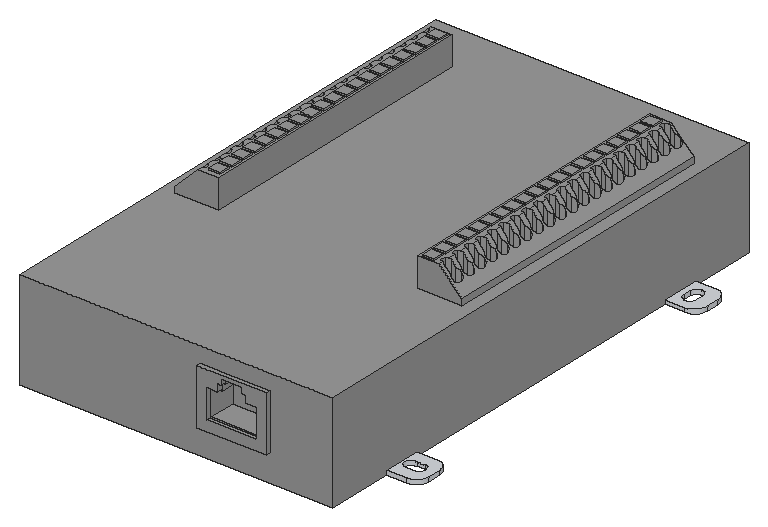
Revit family "IO Controler MS660414M", category Datengeräte, Revit 2023
Family settings
  Bemaßung runder Anschluss = Durchmesser verwenden
  Teiletyp = Normal
  OmniClass-Nummer = 23.85.50.17
  OmniClass-Titel = Communication and Data Processing Equipment
  Arbeitsebenenbasiert = Nein
  Immer vertikal = Ja
  Beim Laden mit Abzugskörper schneiden = Nein
  Beschriftungsausrichtung beibehalten = Nein
  Gemeinsam genutzt = Nein
  Raumberechnungspunkt = Nein
Parameters (values of type "I/O Controler MS660414M")
  Vorgabe-Ansicht = 0 mm
  Material 2 = Kunststoff
  Material = Metallverkleidung
  Interface 3 = "1x 24VDC Output"
  Hersteller = "MICROSENS"
  Beschreibung = "Smart I/O Controller Digital"
  Interface 4 = "1x 24VDC Input"
  Artikelnummer = "MS660414M"
  Interface 5 = "1x 10/100TX RJ-45 PoE+ PD"
  Interface 2 = "8x I/O Output"
  Interface 1 = "10x I/O Input"
Reference planes
  plane 1 "Mitte (Vorne/Hinten)": y = 0
  plane 2: z = 0
  plane 3 "Mitte (Links/Rechts)": x = 0
Forms (mm)
  Extrusion 1, solid, material "Kunststoff" <- "Material 2"
    sketch origin (3.16, 4.554, 0) x (1, 0, 0) y (0, 1, 0)
      loop
        line (-41.16, 58.646) -> (-41.16, -67.754) -> (34.875, -67.754) -> (34.875, 58.646) -> (-41.16, 58.646)
    from 0 to 23.973
  Extrusion 2, solid
    sketch origin (0, -0.01, 0) x (1, 0, 0) y (0, 1, 0)
      loop
        line (-38.035, 46.952) -> (-43.035, 46.952)
        arc (-43.035, 46.952) -> (-45.157, 46.073) -> (-46.035, 43.952) r 3
        line (-46.035, 43.952) -> (-46.035, 40.752)
        arc (-46.035, 40.752) -> (-45.157, 38.631) -> (-43.035, 37.752) r 3
        line (-43.035, 37.752) -> (-38.035, 37.752) -> (-38.035, 46.952)
      loop
        arc (-42.435, 43.952) -> (-44.035, 42.352) -> (-42.435, 40.752) r 1.6
        line (-42.435, 40.752) -> (-40.435, 40.752)
        arc (-40.435, 40.752) -> (-38.835, 42.352) -> (-40.435, 43.952) r 1.6
        line (-40.435, 43.952) -> (-42.435, 43.952)
    from 0 to 1
  Extrusion 3, solid
    sketch origin (0, -0.01, 0) x (-1, 0, 0) y (0, -1, 0)
      loop
        line (-38.035, -46.952) -> (-38.035, -37.752) -> (-43.035, -37.752)
        arc (-43.035, -37.752) -> (-45.157, -38.631) -> (-46.035, -40.752) r 3
        line (-46.035, -40.752) -> (-46.035, -43.952)
        arc (-46.035, -43.952) -> (-45.157, -46.073) -> (-43.035, -46.952) r 3
        line (-43.035, -46.952) -> (-38.035, -46.952)
      loop
        arc (-42.965, -43.363) -> (-41.365, -44.963) -> (-39.765, -43.363) r 1.6
        line (-39.765, -43.363) -> (-39.765, -41.363)
        arc (-39.765, -41.363) -> (-41.365, -39.763) -> (-42.965, -41.363) r 1.6
        line (-42.965, -41.363) -> (-42.965, -43.363)
    from 0 to 1
  Extrusion 4, solid
    sketch origin (0, 0.01, 0) x (-1, 0, 0) y (0, -1, 0)
      loop
        line (-38.035, 46.952) -> (-43.035, 46.952)
        arc (-43.035, 46.952) -> (-45.157, 46.073) -> (-46.035, 43.952) r 3
        line (-46.035, 43.952) -> (-46.035, 40.752)
        arc (-46.035, 40.752) -> (-45.157, 38.631) -> (-43.035, 37.752) r 3
        line (-43.035, 37.752) -> (-38.035, 37.752) -> (-38.035, 46.952)
      loop
        arc (-42.435, 43.952) -> (-44.035, 42.352) -> (-42.435, 40.752) r 1.6
        line (-42.435, 40.752) -> (-40.435, 40.752)
        arc (-40.435, 40.752) -> (-38.835, 42.352) -> (-40.435, 43.952) r 1.6
        line (-40.435, 43.952) -> (-42.435, 43.952)
    from 0 to 1
  Extrusion 5, solid, material "Metallverkleidung" <- "Material"
    sketch origin (0, 0.01, 0) x (1, 0, 0) y (0, 1, 0)
      loop
        line (-38, -46.952) -> (-38, -37.752) -> (-43.035, -37.752)
        arc (-43.035, -37.752) -> (-45.157, -38.631) -> (-46.035, -40.752) r 3
        line (-46.035, -40.752) -> (-46.035, -43.952)
        arc (-46.035, -43.952) -> (-45.157, -46.073) -> (-43.035, -46.952) r 3
        line (-43.035, -46.952) -> (-38, -46.952)
      loop
        arc (-39.835, -41.408) -> (-41.435, -39.808) -> (-43.035, -41.408) r 1.6
        line (-43.035, -41.408) -> (-43.035, -43.408)
        arc (-43.035, -43.408) -> (-41.435, -45.008) -> (-39.835, -43.408) r 1.6
        line (-39.835, -43.408) -> (-39.835, -41.408)
    from 0 to 1
  Extrusion 6, solid, material "Kunststoff" <- "Material 2"
    sketch origin (-1.331, 0, -2.5) x (1, 0, 0) y (0, 0, 1)
      loop
        line (36.207, 26.473) -> (36.207, 27.874) -> (30.627, 33.454) -> (25.541, 33.454) -> (25.541, 26.473) -> (36.207, 26.473)
    from -50.477 to 20.023
  Extrusion 7, solid, material "Kunststoff" <- "Material 2"
    sketch origin (0, 0, 0) x (1, 0, 0) y (0, 1, 0)
      loop
        line (24.915, -19.523) -> (27.715, -19.523) -> (27.715, -16.823) -> (24.915, -16.823) -> (24.915, -19.523)
    from 30.954 to 31.282
  Extrusion 8, solid, material "Kunststoff" <- "Material 2"
    sketch origin (0, 3.5, 0) x (1, 0, 0) y (0, 1, 0)
      loop
        line (24.915, -19.523) -> (27.715, -19.523) -> (27.715, -16.823) -> (24.915, -16.823) -> (24.915, -19.523)
    from 30.954 to 31.282
  Extrusion 9, solid, material "Kunststoff" <- "Material 2"
    sketch origin (0, 7, 0) x (1, 0, 0) y (0, 1, 0)
      loop
        line (24.915, -19.523) -> (27.715, -19.523) -> (27.715, -16.823) -> (24.915, -16.823) -> (24.915, -19.523)
    from 30.954 to 31.282
  Extrusion 10, solid, material "Kunststoff" <- "Material 2"
    sketch origin (0, 10.5, 0) x (1, 0, 0) y (0, 1, 0)
      loop
        line (24.915, -19.523) -> (27.715, -19.523) -> (27.715, -16.823) -> (24.915, -16.823) -> (24.915, -19.523)
    from 30.954 to 31.282
  Extrusion 11, solid, material "Kunststoff" <- "Material 2"
    sketch origin (0, 14, 0) x (1, 0, 0) y (0, 1, 0)
      loop
        line (24.915, -19.523) -> (27.715, -19.523) -> (27.715, -16.823) -> (24.915, -16.823) -> (24.915, -19.523)
    from 30.954 to 31.282
  Extrusion 12, solid, material "Kunststoff" <- "Material 2"
    sketch origin (0, 17.5, 0) x (1, 0, 0) y (0, 1, 0)
      loop
        line (24.915, -19.523) -> (27.715, -19.523) -> (27.715, -16.823) -> (24.915, -16.823) -> (24.915, -19.523)
    from 30.954 to 31.282
  Extrusion 13, solid, material "Kunststoff" <- "Material 2"
    sketch origin (0, 21, 0) x (1, 0, 0) y (0, 1, 0)
      loop
        line (24.915, -19.523) -> (27.715, -19.523) -> (27.715, -16.823) -> (24.915, -16.823) -> (24.915, -19.523)
    from 30.954 to 31.282
  Extrusion 14, solid, material "Kunststoff" <- "Material 2"
    sketch origin (0, 24.5, 0) x (1, 0, 0) y (0, 1, 0)
      loop
        line (24.915, -19.523) -> (27.715, -19.523) -> (27.715, -16.823) -> (24.915, -16.823) -> (24.915, -19.523)
    from 30.954 to 31.282
  Extrusion 15, solid, material "Kunststoff" <- "Material 2"
    sketch origin (0, 28, 0) x (1, 0, 0) y (0, 1, 0)
      loop
        line (24.915, -19.523) -> (27.715, -19.523) -> (27.715, -16.823) -> (24.915, -16.823) -> (24.915, -19.523)
    from 30.954 to 31.282
  Extrusion 16, solid, material "Kunststoff" <- "Material 2"
    sketch origin (0, 31.5, 0) x (1, 0, 0) y (0, 1, 0)
      loop
        line (24.915, -19.523) -> (27.715, -19.523) -> (27.715, -16.823) -> (24.915, -16.823) -> (24.915, -19.523)
    from 30.954 to 31.282
  Extrusion 17, solid, material "Kunststoff" <- "Material 2"
    sketch origin (0, 35, 0) x (1, 0, 0) y (0, 1, 0)
      loop
        line (24.915, -19.523) -> (27.715, -19.523) -> (27.715, -16.823) -> (24.915, -16.823) -> (24.915, -19.523)
    from 30.954 to 31.282
  Extrusion 18, solid, material "Kunststoff" <- "Material 2"
    sketch origin (0, 38.5, 0) x (1, 0, 0) y (0, 1, 0)
      loop
        line (24.915, -19.523) -> (27.715, -19.523) -> (27.715, -16.823) -> (24.915, -16.823) -> (24.915, -19.523)
    from 30.954 to 31.282
  Extrusion 19, solid, material "Kunststoff" <- "Material 2"
    sketch origin (0, 42, 0) x (1, 0, 0) y (0, 1, 0)
      loop
        line (24.915, -19.523) -> (27.715, -19.523) -> (27.715, -16.823) -> (24.915, -16.823) -> (24.915, -19.523)
    from 30.954 to 31.282
  Extrusion 20, solid, material "Kunststoff" <- "Material 2"
    sketch origin (0, 45.5, 0) x (1, 0, 0) y (0, 1, 0)
      loop
        line (24.915, -19.523) -> (27.715, -19.523) -> (27.715, -16.823) -> (24.915, -16.823) -> (24.915, -19.523)
    from 30.954 to 31.282
  Extrusion 21, solid, material "Kunststoff" <- "Material 2"
    sketch origin (0, 49, 0) x (1, 0, 0) y (0, 1, 0)
      loop
        line (24.915, -19.523) -> (27.715, -19.523) -> (27.715, -16.823) -> (24.915, -16.823) -> (24.915, -19.523)
    from 30.954 to 31.282
  Extrusion 22, solid, material "Kunststoff" <- "Material 2"
    sketch origin (0, 52.5, 0) x (1, 0, 0) y (0, 1, 0)
      loop
        line (24.915, -19.523) -> (27.715, -19.523) -> (27.715, -16.823) -> (24.915, -16.823) -> (24.915, -19.523)
    from 30.954 to 31.282
  Extrusion 23, solid, material "Kunststoff" <- "Material 2"
    sketch origin (0, 56, 0) x (1, 0, 0) y (0, 1, 0)
      loop
        line (24.915, -19.523) -> (27.715, -19.523) -> (27.715, -16.823) -> (24.915, -16.823) -> (24.915, -19.523)
    from 30.954 to 31.282
  Extrusion 24, solid, material "Kunststoff" <- "Material 2"
    sketch origin (0, 59.5, 0) x (1, 0, 0) y (0, 1, 0)
      loop
        line (24.915, -19.523) -> (27.715, -19.523) -> (27.715, -16.823) -> (24.915, -16.823) -> (24.915, -19.523)
    from 30.954 to 31.282
  Extrusion 25, solid, material "Kunststoff" <- "Material 2"
    sketch origin (0, 63, 0) x (1, 0, 0) y (0, 1, 0)
      loop
        line (24.915, -19.523) -> (27.715, -19.523) -> (27.715, -16.823) -> (24.915, -16.823) -> (24.915, -19.523)
    from 30.954 to 31.282
  Extrusion 26, solid, material "Kunststoff" <- "Material 2"
    sketch origin (0, 66.5, 0) x (1, 0, 0) y (0, 1, 0)
      loop
        line (24.915, -19.523) -> (27.715, -19.523) -> (27.715, -16.823) -> (24.915, -16.823) -> (24.915, -19.523)
    from 30.954 to 31.282
  Extrusion 27, void
    sketch origin (8.123, 3.438, 0) x (1, 0, 0) y (0, 1, 0)
      loop
        arc (20.475, -17.212) -> (20.392, -17.759) -> (20.463, -18.308) r 1.991
        line (20.463, -18.308) -> (21.388, -18.842) -> (22.682, -18.842) -> (23.589, -19.366) -> (24.372, -19.001) -> (24.787, -18.121)
        arc (24.787, -18.121) -> (24.798, -17.59) -> (24.714, -17.066) r 3
        line (24.714, -17.066) -> (24.308, -16.315) -> (23.48, -16.014) -> (22.7, -16.561) -> (21.406, -16.561) -> (20.475, -17.212)
    from 23.973 to 33.421
  Extrusion 28, void
    sketch origin (8.123, 6.938, 0) x (1, 0, 0) y (0, 1, 0)
      loop
        arc (20.475, -17.212) -> (20.392, -17.759) -> (20.463, -18.308) r 1.991
        line (20.463, -18.308) -> (21.388, -18.842) -> (22.682, -18.842) -> (23.589, -19.366) -> (24.372, -19.001) -> (24.787, -18.121)
        arc (24.787, -18.121) -> (24.798, -17.59) -> (24.714, -17.066) r 3
        line (24.714, -17.066) -> (24.308, -16.315) -> (23.48, -16.014) -> (22.7, -16.561) -> (21.406, -16.561) -> (20.475, -17.212)
    from 23.973 to 33.421
  Extrusion 29, void
    sketch origin (8.123, 10.438, 0) x (1, 0, 0) y (0, 1, 0)
      loop
        arc (20.475, -17.212) -> (20.392, -17.759) -> (20.463, -18.308) r 1.991
        line (20.463, -18.308) -> (21.388, -18.842) -> (22.682, -18.842) -> (23.589, -19.366) -> (24.372, -19.001) -> (24.787, -18.121)
        arc (24.787, -18.121) -> (24.798, -17.59) -> (24.714, -17.066) r 3
        line (24.714, -17.066) -> (24.308, -16.315) -> (23.48, -16.014) -> (22.7, -16.561) -> (21.406, -16.561) -> (20.475, -17.212)
    from 23.973 to 33.421
  Extrusion 30, void
    sketch origin (8.123, 13.938, 0) x (1, 0, 0) y (0, 1, 0)
      loop
        arc (20.475, -17.212) -> (20.392, -17.759) -> (20.463, -18.308) r 1.991
        line (20.463, -18.308) -> (21.388, -18.842) -> (22.682, -18.842) -> (23.589, -19.366) -> (24.372, -19.001) -> (24.787, -18.121)
        arc (24.787, -18.121) -> (24.798, -17.59) -> (24.714, -17.066) r 3
        line (24.714, -17.066) -> (24.308, -16.315) -> (23.48, -16.014) -> (22.7, -16.561) -> (21.406, -16.561) -> (20.475, -17.212)
    from 23.973 to 33.421
  Extrusion 31, void
    sketch origin (8.123, 17.438, 0) x (1, 0, 0) y (0, 1, 0)
      loop
        arc (20.475, -17.212) -> (20.392, -17.759) -> (20.463, -18.308) r 1.991
        line (20.463, -18.308) -> (21.388, -18.842) -> (22.682, -18.842) -> (23.589, -19.366) -> (24.372, -19.001) -> (24.787, -18.121)
        arc (24.787, -18.121) -> (24.798, -17.59) -> (24.714, -17.066) r 3
        line (24.714, -17.066) -> (24.308, -16.315) -> (23.48, -16.014) -> (22.7, -16.561) -> (21.406, -16.561) -> (20.475, -17.212)
    from 23.973 to 33.421
  Extrusion 32, void
    sketch origin (8.123, 20.938, 0) x (1, 0, 0) y (0, 1, 0)
      loop
        arc (20.475, -17.212) -> (20.392, -17.759) -> (20.463, -18.308) r 1.991
        line (20.463, -18.308) -> (21.388, -18.842) -> (22.682, -18.842) -> (23.589, -19.366) -> (24.372, -19.001) -> (24.787, -18.121)
        arc (24.787, -18.121) -> (24.798, -17.59) -> (24.714, -17.066) r 3
        line (24.714, -17.066) -> (24.308, -16.315) -> (23.48, -16.014) -> (22.7, -16.561) -> (21.406, -16.561) -> (20.475, -17.212)
    from 23.973 to 33.421
  Extrusion 33, void
    sketch origin (8.123, 24.438, 0) x (1, 0, 0) y (0, 1, 0)
      loop
        arc (20.475, -17.212) -> (20.392, -17.759) -> (20.463, -18.308) r 1.991
        line (20.463, -18.308) -> (21.388, -18.842) -> (22.682, -18.842) -> (23.589, -19.366) -> (24.372, -19.001) -> (24.787, -18.121)
        arc (24.787, -18.121) -> (24.798, -17.59) -> (24.714, -17.066) r 3
        line (24.714, -17.066) -> (24.308, -16.315) -> (23.48, -16.014) -> (22.7, -16.561) -> (21.406, -16.561) -> (20.475, -17.212)
    from 23.973 to 33.421
  Extrusion 34, void
    sketch origin (8.123, 27.938, 0) x (1, 0, 0) y (0, 1, 0)
      loop
        arc (20.475, -17.212) -> (20.392, -17.759) -> (20.463, -18.308) r 1.991
        line (20.463, -18.308) -> (21.388, -18.842) -> (22.682, -18.842) -> (23.589, -19.366) -> (24.372, -19.001) -> (24.787, -18.121)
        arc (24.787, -18.121) -> (24.798, -17.59) -> (24.714, -17.066) r 3
        line (24.714, -17.066) -> (24.308, -16.315) -> (23.48, -16.014) -> (22.7, -16.561) -> (21.406, -16.561) -> (20.475, -17.212)
    from 23.973 to 33.421
  Extrusion 35, void
    sketch origin (8.123, 31.438, 0) x (1, 0, 0) y (0, 1, 0)
      loop
        arc (20.475, -17.212) -> (20.392, -17.759) -> (20.463, -18.308) r 1.991
        line (20.463, -18.308) -> (21.388, -18.842) -> (22.682, -18.842) -> (23.589, -19.366) -> (24.372, -19.001) -> (24.787, -18.121)
        arc (24.787, -18.121) -> (24.798, -17.59) -> (24.714, -17.066) r 3
        line (24.714, -17.066) -> (24.308, -16.315) -> (23.48, -16.014) -> (22.7, -16.561) -> (21.406, -16.561) -> (20.475, -17.212)
    from 23.973 to 33.421
  Extrusion 36, void
    sketch origin (8.123, 34.938, 0) x (1, 0, 0) y (0, 1, 0)
      loop
        arc (20.475, -17.212) -> (20.392, -17.759) -> (20.463, -18.308) r 1.991
        line (20.463, -18.308) -> (21.388, -18.842) -> (22.682, -18.842) -> (23.589, -19.366) -> (24.372, -19.001) -> (24.787, -18.121)
        arc (24.787, -18.121) -> (24.798, -17.59) -> (24.714, -17.066) r 3
        line (24.714, -17.066) -> (24.308, -16.315) -> (23.48, -16.014) -> (22.7, -16.561) -> (21.406, -16.561) -> (20.475, -17.212)
    from 23.973 to 33.421
  Extrusion 37, void
    sketch origin (8.123, 38.438, 0) x (1, 0, 0) y (0, 1, 0)
      loop
        arc (20.475, -17.212) -> (20.392, -17.759) -> (20.463, -18.308) r 1.991
        line (20.463, -18.308) -> (21.388, -18.842) -> (22.682, -18.842) -> (23.589, -19.366) -> (24.372, -19.001) -> (24.787, -18.121)
        arc (24.787, -18.121) -> (24.798, -17.59) -> (24.714, -17.066) r 3
        line (24.714, -17.066) -> (24.308, -16.315) -> (23.48, -16.014) -> (22.7, -16.561) -> (21.406, -16.561) -> (20.475, -17.212)
    from 23.973 to 33.421
  Extrusion 38, void
    sketch origin (8.123, 41.938, 0) x (1, 0, 0) y (0, 1, 0)
      loop
        arc (20.475, -17.212) -> (20.392, -17.759) -> (20.463, -18.308) r 1.991
        line (20.463, -18.308) -> (21.388, -18.842) -> (22.682, -18.842) -> (23.589, -19.366) -> (24.372, -19.001) -> (24.787, -18.121)
        arc (24.787, -18.121) -> (24.798, -17.59) -> (24.714, -17.066) r 3
        line (24.714, -17.066) -> (24.308, -16.315) -> (23.48, -16.014) -> (22.7, -16.561) -> (21.406, -16.561) -> (20.475, -17.212)
    from 23.973 to 33.421
  Extrusion 39, void
    sketch origin (8.123, 45.438, 0) x (1, 0, 0) y (0, 1, 0)
      loop
        arc (20.475, -17.212) -> (20.392, -17.759) -> (20.463, -18.308) r 1.991
        line (20.463, -18.308) -> (21.388, -18.842) -> (22.682, -18.842) -> (23.589, -19.366) -> (24.372, -19.001) -> (24.787, -18.121)
        arc (24.787, -18.121) -> (24.798, -17.59) -> (24.714, -17.066) r 3
        line (24.714, -17.066) -> (24.308, -16.315) -> (23.48, -16.014) -> (22.7, -16.561) -> (21.406, -16.561) -> (20.475, -17.212)
    from 23.973 to 33.421
  Extrusion 40, void
    sketch origin (8.123, 48.938, 0) x (1, 0, 0) y (0, 1, 0)
      loop
        arc (20.475, -17.212) -> (20.392, -17.759) -> (20.463, -18.308) r 1.991
        line (20.463, -18.308) -> (21.388, -18.842) -> (22.682, -18.842) -> (23.589, -19.366) -> (24.372, -19.001) -> (24.787, -18.121)
        arc (24.787, -18.121) -> (24.798, -17.59) -> (24.714, -17.066) r 3
        line (24.714, -17.066) -> (24.308, -16.315) -> (23.48, -16.014) -> (22.7, -16.561) -> (21.406, -16.561) -> (20.475, -17.212)
    from 23.973 to 33.421
  Extrusion 41, void
    sketch origin (8.123, 52.438, 0) x (1, 0, 0) y (0, 1, 0)
      loop
        arc (20.475, -17.212) -> (20.392, -17.759) -> (20.463, -18.308) r 1.991
        line (20.463, -18.308) -> (21.388, -18.842) -> (22.682, -18.842) -> (23.589, -19.366) -> (24.372, -19.001) -> (24.787, -18.121)
        arc (24.787, -18.121) -> (24.798, -17.59) -> (24.714, -17.066) r 3
        line (24.714, -17.066) -> (24.308, -16.315) -> (23.48, -16.014) -> (22.7, -16.561) -> (21.406, -16.561) -> (20.475, -17.212)
    from 23.973 to 33.421
  Extrusion 42, void
    sketch origin (8.123, 55.938, 0) x (1, 0, 0) y (0, 1, 0)
      loop
        arc (20.475, -17.212) -> (20.392, -17.759) -> (20.463, -18.308) r 1.991
        line (20.463, -18.308) -> (21.388, -18.842) -> (22.682, -18.842) -> (23.589, -19.366) -> (24.372, -19.001) -> (24.787, -18.121)
        arc (24.787, -18.121) -> (24.798, -17.59) -> (24.714, -17.066) r 3
        line (24.714, -17.066) -> (24.308, -16.315) -> (23.48, -16.014) -> (22.7, -16.561) -> (21.406, -16.561) -> (20.475, -17.212)
    from 23.973 to 33.421
  Extrusion 43, void
    sketch origin (8.123, 59.438, 0) x (1, 0, 0) y (0, 1, 0)
      loop
        arc (20.475, -17.212) -> (20.392, -17.759) -> (20.463, -18.308) r 1.991
        line (20.463, -18.308) -> (21.388, -18.842) -> (22.682, -18.842) -> (23.589, -19.366) -> (24.372, -19.001) -> (24.787, -18.121)
        arc (24.787, -18.121) -> (24.798, -17.59) -> (24.714, -17.066) r 3
        line (24.714, -17.066) -> (24.308, -16.315) -> (23.48, -16.014) -> (22.7, -16.561) -> (21.406, -16.561) -> (20.475, -17.212)
    from 23.973 to 33.421
  Extrusion 44, void
    sketch origin (8.123, 62.938, 0) x (1, 0, 0) y (0, 1, 0)
      loop
        arc (20.475, -17.212) -> (20.392, -17.759) -> (20.463, -18.308) r 1.991
        line (20.463, -18.308) -> (21.388, -18.842) -> (22.682, -18.842) -> (23.589, -19.366) -> (24.372, -19.001) -> (24.787, -18.121)
        arc (24.787, -18.121) -> (24.798, -17.59) -> (24.714, -17.066) r 3
        line (24.714, -17.066) -> (24.308, -16.315) -> (23.48, -16.014) -> (22.7, -16.561) -> (21.406, -16.561) -> (20.475, -17.212)
    from 23.973 to 33.421
  Extrusion 45, void
    sketch origin (8.12, 66.501, 0) x (1, 0, 0) y (0, 1, 0)
      loop
        arc (20.475, -17.212) -> (20.392, -17.759) -> (20.463, -18.308) r 1.991
        line (20.463, -18.308) -> (21.388, -18.842) -> (22.682, -18.842) -> (23.589, -19.366) -> (24.372, -19.001) -> (24.787, -18.121)
        arc (24.787, -18.121) -> (24.798, -17.59) -> (24.714, -17.066) r 3
        line (24.714, -17.066) -> (24.308, -16.315) -> (23.48, -16.014) -> (22.7, -16.561) -> (21.406, -16.561) -> (20.475, -17.212)
    from 23.973 to 33.421
  Extrusion 46, void
    sketch origin (8.125, -0.119, 0) x (1, 0, 0) y (0, 1, 0)
      loop
        arc (20.475, -17.212) -> (20.392, -17.759) -> (20.463, -18.308) r 1.991
        line (20.463, -18.308) -> (21.388, -18.842) -> (22.682, -18.842) -> (23.589, -19.366) -> (24.372, -19.001) -> (24.787, -18.121)
        arc (24.787, -18.121) -> (24.798, -17.59) -> (24.714, -17.066) r 3
        line (24.714, -17.066) -> (24.308, -16.315) -> (23.48, -16.014) -> (22.7, -16.561) -> (21.406, -16.561) -> (20.475, -17.212)
    from 23.973 to 33.421
  Extrusion 47, solid, material "Kunststoff" <- "Material 2"
    sketch origin (1.26, 30.954, -2.5) x (-1, 0, 0) y (0, 0, 1)
      loop
        line (36.207, 26.473) -> (36.207, 27.874) -> (30.627, 33.454) -> (25.541, 33.454) -> (25.541, 26.473) -> (36.207, 26.473)
    from -50.977 to 20.023
  Extrusion 48, solid, material "Kunststoff" <- "Material 2"
    sketch origin (-0.071, 30.954, 0) x (-1, 0, 0) y (0, -1, 0)
      loop
        line (24.915, -19.523) -> (27.715, -19.523) -> (27.715, -16.823) -> (24.915, -16.823) -> (24.915, -19.523)
    from 30.954 to 31.282
  Extrusion 49, solid, material "Kunststoff" <- "Material 2"
    sketch origin (-0.071, 27.454, 0) x (-1, 0, 0) y (0, -1, 0)
      loop
        line (24.915, -19.523) -> (27.715, -19.523) -> (27.715, -16.823) -> (24.915, -16.823) -> (24.915, -19.523)
    from 30.954 to 31.282
  Extrusion 50, solid, material "Kunststoff" <- "Material 2"
    sketch origin (-0.071, 23.954, 0) x (-1, 0, 0) y (0, -1, 0)
      loop
        line (24.915, -19.523) -> (27.715, -19.523) -> (27.715, -16.823) -> (24.915, -16.823) -> (24.915, -19.523)
    from 30.954 to 31.282
  Extrusion 51, solid, material "Kunststoff" <- "Material 2"
    sketch origin (-0.071, 20.454, 0) x (-1, 0, 0) y (0, -1, 0)
      loop
        line (24.915, -19.523) -> (27.715, -19.523) -> (27.715, -16.823) -> (24.915, -16.823) -> (24.915, -19.523)
    from 30.954 to 31.282
  Extrusion 52, solid, material "Kunststoff" <- "Material 2"
    sketch origin (-0.071, 16.954, 0) x (-1, 0, 0) y (0, -1, 0)
      loop
        line (24.915, -19.523) -> (27.715, -19.523) -> (27.715, -16.823) -> (24.915, -16.823) -> (24.915, -19.523)
    from 30.954 to 31.282
  Extrusion 53, solid, material "Kunststoff" <- "Material 2"
    sketch origin (-0.071, 13.454, 0) x (-1, 0, 0) y (0, -1, 0)
      loop
        line (24.915, -19.523) -> (27.715, -19.523) -> (27.715, -16.823) -> (24.915, -16.823) -> (24.915, -19.523)
    from 30.954 to 31.282
  Extrusion 54, solid, material "Kunststoff" <- "Material 2"
    sketch origin (-0.071, 9.954, 0) x (-1, 0, 0) y (0, -1, 0)
      loop
        line (24.915, -19.523) -> (27.715, -19.523) -> (27.715, -16.823) -> (24.915, -16.823) -> (24.915, -19.523)
    from 30.954 to 31.282
  Extrusion 55, solid, material "Kunststoff" <- "Material 2"
    sketch origin (-0.071, 6.454, 0) x (-1, 0, 0) y (0, -1, 0)
      loop
        line (24.915, -19.523) -> (27.715, -19.523) -> (27.715, -16.823) -> (24.915, -16.823) -> (24.915, -19.523)
    from 30.954 to 31.282
  Extrusion 56, solid, material "Kunststoff" <- "Material 2"
    sketch origin (-0.071, 2.954, 0) x (-1, 0, 0) y (0, -1, 0)
      loop
        line (24.915, -19.523) -> (27.715, -19.523) -> (27.715, -16.823) -> (24.915, -16.823) -> (24.915, -19.523)
    from 30.954 to 31.282
  Extrusion 57, solid, material "Kunststoff" <- "Material 2"
    sketch origin (-0.071, -0.546, 0) x (-1, 0, 0) y (0, -1, 0)
      loop
        line (24.915, -19.523) -> (27.715, -19.523) -> (27.715, -16.823) -> (24.915, -16.823) -> (24.915, -19.523)
    from 30.954 to 31.282
  Extrusion 58, solid, material "Kunststoff" <- "Material 2"
    sketch origin (-0.071, -4.046, 0) x (-1, 0, 0) y (0, -1, 0)
      loop
        line (24.915, -19.523) -> (27.715, -19.523) -> (27.715, -16.823) -> (24.915, -16.823) -> (24.915, -19.523)
    from 30.954 to 31.282
  Extrusion 59, solid, material "Kunststoff" <- "Material 2"
    sketch origin (-0.071, -7.546, 0) x (-1, 0, 0) y (0, -1, 0)
      loop
        line (24.915, -19.523) -> (27.715, -19.523) -> (27.715, -16.823) -> (24.915, -16.823) -> (24.915, -19.523)
    from 30.954 to 31.282
  Extrusion 60, solid, material "Kunststoff" <- "Material 2"
    sketch origin (-0.071, -11.046, 0) x (-1, 0, 0) y (0, -1, 0)
      loop
        line (24.915, -19.523) -> (27.715, -19.523) -> (27.715, -16.823) -> (24.915, -16.823) -> (24.915, -19.523)
    from 30.954 to 31.282
  Extrusion 61, solid, material "Kunststoff" <- "Material 2"
    sketch origin (-0.071, -14.546, 0) x (-1, 0, 0) y (0, -1, 0)
      loop
        line (24.915, -19.523) -> (27.715, -19.523) -> (27.715, -16.823) -> (24.915, -16.823) -> (24.915, -19.523)
    from 30.954 to 31.282
  Extrusion 62, solid, material "Kunststoff" <- "Material 2"
    sketch origin (-0.071, -18.046, 0) x (-1, 0, 0) y (0, -1, 0)
      loop
        line (24.915, -19.523) -> (27.715, -19.523) -> (27.715, -16.823) -> (24.915, -16.823) -> (24.915, -19.523)
    from 30.954 to 31.282
  Extrusion 63, solid, material "Kunststoff" <- "Material 2"
    sketch origin (-0.071, -21.546, 0) x (-1, 0, 0) y (0, -1, 0)
      loop
        line (24.915, -19.523) -> (27.715, -19.523) -> (27.715, -16.823) -> (24.915, -16.823) -> (24.915, -19.523)
    from 30.954 to 31.282
  Extrusion 64, solid, material "Kunststoff" <- "Material 2"
    sketch origin (-0.071, -25.046, 0) x (-1, 0, 0) y (0, -1, 0)
      loop
        line (24.915, -19.523) -> (27.715, -19.523) -> (27.715, -16.823) -> (24.915, -16.823) -> (24.915, -19.523)
    from 30.954 to 31.282
  Extrusion 65, solid, material "Kunststoff" <- "Material 2"
    sketch origin (-0.071, -28.546, 0) x (-1, 0, 0) y (0, -1, 0)
      loop
        line (24.915, -19.523) -> (27.715, -19.523) -> (27.715, -16.823) -> (24.915, -16.823) -> (24.915, -19.523)
    from 30.954 to 31.282
  Extrusion 66, solid, material "Kunststoff" <- "Material 2"
    sketch origin (-0.071, -32.046, 0) x (-1, 0, 0) y (0, -1, 0)
      loop
        line (24.915, -19.523) -> (27.715, -19.523) -> (27.715, -16.823) -> (24.915, -16.823) -> (24.915, -19.523)
    from 30.954 to 31.282
  Extrusion 67, solid, material "Kunststoff" <- "Material 2"
    sketch origin (-0.071, -35.546, 0) x (-1, 0, 0) y (0, -1, 0)
      loop
        line (24.915, -19.523) -> (27.715, -19.523) -> (27.715, -16.823) -> (24.915, -16.823) -> (24.915, -19.523)
    from 30.954 to 31.282
  Extrusion 68, void
    sketch origin (-8.194, 27.868, 0) x (-1, 0, 0) y (0, -1, 0)
      loop
        arc (20.475, -17.212) -> (20.392, -17.759) -> (20.463, -18.308) r 1.991
        line (20.463, -18.308) -> (21.388, -18.842) -> (22.682, -18.842) -> (23.589, -19.366) -> (24.372, -19.001) -> (24.787, -18.121)
        arc (24.787, -18.121) -> (24.798, -17.59) -> (24.714, -17.066) r 3
        line (24.714, -17.066) -> (24.308, -16.315) -> (23.48, -16.014) -> (22.7, -16.561) -> (21.406, -16.561) -> (20.475, -17.212)
    from 23.973 to 33.421
  Extrusion 69, void
    sketch origin (-8.194, 31.399, 0) x (-1, 0, 0) y (0, -1, 0)
      loop
        arc (20.475, -17.212) -> (20.392, -17.759) -> (20.463, -18.308) r 1.991
        line (20.463, -18.308) -> (21.388, -18.842) -> (22.682, -18.842) -> (23.589, -19.366) -> (24.372, -19.001) -> (24.787, -18.121)
        arc (24.787, -18.121) -> (24.798, -17.59) -> (24.714, -17.066) r 3
        line (24.714, -17.066) -> (24.308, -16.315) -> (23.48, -16.014) -> (22.7, -16.561) -> (21.406, -16.561) -> (20.475, -17.212)
    from 23.973 to 33.421
  Extrusion 70, void
    sketch origin (-8.194, 24.354, 0) x (-1, 0, 0) y (0, -1, 0)
      loop
        arc (20.475, -17.212) -> (20.392, -17.759) -> (20.463, -18.308) r 1.991
        line (20.463, -18.308) -> (21.388, -18.842) -> (22.682, -18.842) -> (23.589, -19.366) -> (24.372, -19.001) -> (24.787, -18.121)
        arc (24.787, -18.121) -> (24.798, -17.59) -> (24.714, -17.066) r 3
        line (24.714, -17.066) -> (24.308, -16.315) -> (23.48, -16.014) -> (22.7, -16.561) -> (21.406, -16.561) -> (20.475, -17.212)
    from 23.973 to 33.421
  Extrusion 71, void
    sketch origin (-8.198, 20.804, 0) x (-1, 0, 0) y (0, -1, 0)
      loop
        arc (20.475, -17.212) -> (20.392, -17.759) -> (20.463, -18.308) r 1.991
        line (20.463, -18.308) -> (21.388, -18.842) -> (22.682, -18.842) -> (23.589, -19.366) -> (24.372, -19.001) -> (24.787, -18.121)
        arc (24.787, -18.121) -> (24.798, -17.59) -> (24.714, -17.066) r 3
        line (24.714, -17.066) -> (24.308, -16.315) -> (23.48, -16.014) -> (22.7, -16.561) -> (21.406, -16.561) -> (20.475, -17.212)
    from 23.973 to 33.421
  Extrusion 72, void
    sketch origin (-8.198, 17.21, 0) x (-1, 0, 0) y (0, -1, 0)
      loop
        arc (20.475, -17.212) -> (20.392, -17.759) -> (20.463, -18.308) r 1.991
        line (20.463, -18.308) -> (21.388, -18.842) -> (22.682, -18.842) -> (23.589, -19.366) -> (24.372, -19.001) -> (24.787, -18.121)
        arc (24.787, -18.121) -> (24.798, -17.59) -> (24.714, -17.066) r 3
        line (24.714, -17.066) -> (24.308, -16.315) -> (23.48, -16.014) -> (22.7, -16.561) -> (21.406, -16.561) -> (20.475, -17.212)
    from 23.973 to 33.421
  Extrusion 73, void
    sketch origin (-8.198, 13.694, 0) x (-1, 0, 0) y (0, -1, 0)
      loop
        arc (20.475, -17.212) -> (20.392, -17.759) -> (20.463, -18.308) r 1.991
        line (20.463, -18.308) -> (21.388, -18.842) -> (22.682, -18.842) -> (23.589, -19.366) -> (24.372, -19.001) -> (24.787, -18.121)
        arc (24.787, -18.121) -> (24.798, -17.59) -> (24.714, -17.066) r 3
        line (24.714, -17.066) -> (24.308, -16.315) -> (23.48, -16.014) -> (22.7, -16.561) -> (21.406, -16.561) -> (20.475, -17.212)
    from 23.973 to 33.421
  Extrusion 74, void
    sketch origin (-8.198, 10.087, 0) x (-1, 0, 0) y (0, -1, 0)
      loop
        arc (20.475, -17.212) -> (20.392, -17.759) -> (20.463, -18.308) r 1.991
        line (20.463, -18.308) -> (21.388, -18.842) -> (22.682, -18.842) -> (23.589, -19.366) -> (24.372, -19.001) -> (24.787, -18.121)
        arc (24.787, -18.121) -> (24.798, -17.59) -> (24.714, -17.066) r 3
        line (24.714, -17.066) -> (24.308, -16.315) -> (23.48, -16.014) -> (22.7, -16.561) -> (21.406, -16.561) -> (20.475, -17.212)
    from 23.973 to 33.421
  Extrusion 75, void
    sketch origin (-8.194, 3.031, 0) x (-1, 0, 0) y (0, -1, 0)
      loop
        arc (20.475, -17.212) -> (20.392, -17.759) -> (20.463, -18.308) r 1.991
        line (20.463, -18.308) -> (21.388, -18.842) -> (22.682, -18.842) -> (23.589, -19.366) -> (24.372, -19.001) -> (24.787, -18.121)
        arc (24.787, -18.121) -> (24.798, -17.59) -> (24.714, -17.066) r 3
        line (24.714, -17.066) -> (24.308, -16.315) -> (23.48, -16.014) -> (22.7, -16.561) -> (21.406, -16.561) -> (20.475, -17.212)
    from 23.973 to 33.421
  Extrusion 76, void
    sketch origin (-8.194, 6.562, 0) x (-1, 0, 0) y (0, -1, 0)
      loop
        arc (20.475, -17.212) -> (20.392, -17.759) -> (20.463, -18.308) r 1.991
        line (20.463, -18.308) -> (21.388, -18.842) -> (22.682, -18.842) -> (23.589, -19.366) -> (24.372, -19.001) -> (24.787, -18.121)
        arc (24.787, -18.121) -> (24.798, -17.59) -> (24.714, -17.066) r 3
        line (24.714, -17.066) -> (24.308, -16.315) -> (23.48, -16.014) -> (22.7, -16.561) -> (21.406, -16.561) -> (20.475, -17.212)
    from 23.973 to 33.421
  Extrusion 77, void
    sketch origin (-8.194, -0.482, 0) x (-1, 0, 0) y (0, -1, 0)
      loop
        arc (20.475, -17.212) -> (20.392, -17.759) -> (20.463, -18.308) r 1.991
        line (20.463, -18.308) -> (21.388, -18.842) -> (22.682, -18.842) -> (23.589, -19.366) -> (24.372, -19.001) -> (24.787, -18.121)
        arc (24.787, -18.121) -> (24.798, -17.59) -> (24.714, -17.066) r 3
        line (24.714, -17.066) -> (24.308, -16.315) -> (23.48, -16.014) -> (22.7, -16.561) -> (21.406, -16.561) -> (20.475, -17.212)
    from 23.973 to 33.421
  Extrusion 78, void
    sketch origin (-8.198, -4.033, 0) x (-1, 0, 0) y (0, -1, 0)
      loop
        arc (20.475, -17.212) -> (20.392, -17.759) -> (20.463, -18.308) r 1.991
        line (20.463, -18.308) -> (21.388, -18.842) -> (22.682, -18.842) -> (23.589, -19.366) -> (24.372, -19.001) -> (24.787, -18.121)
        arc (24.787, -18.121) -> (24.798, -17.59) -> (24.714, -17.066) r 3
        line (24.714, -17.066) -> (24.308, -16.315) -> (23.48, -16.014) -> (22.7, -16.561) -> (21.406, -16.561) -> (20.475, -17.212)
    from 23.973 to 33.421
  Extrusion 79, void
    sketch origin (-8.198, -7.549, 0) x (-1, 0, 0) y (0, -1, 0)
      loop
        arc (20.475, -17.212) -> (20.392, -17.759) -> (20.463, -18.308) r 1.991
        line (20.463, -18.308) -> (21.388, -18.842) -> (22.682, -18.842) -> (23.589, -19.366) -> (24.372, -19.001) -> (24.787, -18.121)
        arc (24.787, -18.121) -> (24.798, -17.59) -> (24.714, -17.066) r 3
        line (24.714, -17.066) -> (24.308, -16.315) -> (23.48, -16.014) -> (22.7, -16.561) -> (21.406, -16.561) -> (20.475, -17.212)
    from 23.973 to 33.421
  Extrusion 80, void
    sketch origin (-8.198, -11.046, 0) x (-1, 0, 0) y (0, -1, 0)
      loop
        arc (20.475, -17.212) -> (20.392, -17.759) -> (20.463, -18.308) r 1.991
        line (20.463, -18.308) -> (21.388, -18.842) -> (22.682, -18.842) -> (23.589, -19.366) -> (24.372, -19.001) -> (24.787, -18.121)
        arc (24.787, -18.121) -> (24.798, -17.59) -> (24.714, -17.066) r 3
        line (24.714, -17.066) -> (24.308, -16.315) -> (23.48, -16.014) -> (22.7, -16.561) -> (21.406, -16.561) -> (20.475, -17.212)
    from 23.973 to 33.421
  Extrusion 81, void
    sketch origin (-8.198, -14.555, 0) x (-1, 0, 0) y (0, -1, 0)
      loop
        arc (20.475, -17.212) -> (20.392, -17.759) -> (20.463, -18.308) r 1.991
        line (20.463, -18.308) -> (21.388, -18.842) -> (22.682, -18.842) -> (23.589, -19.366) -> (24.372, -19.001) -> (24.787, -18.121)
        arc (24.787, -18.121) -> (24.798, -17.59) -> (24.714, -17.066) r 3
        line (24.714, -17.066) -> (24.308, -16.315) -> (23.48, -16.014) -> (22.7, -16.561) -> (21.406, -16.561) -> (20.475, -17.212)
    from 23.973 to 33.421
  Extrusion 82, void
    sketch origin (-8.198, -18.063, 0) x (-1, 0, 0) y (0, -1, 0)
      loop
        arc (20.475, -17.212) -> (20.392, -17.759) -> (20.463, -18.308) r 1.991
        line (20.463, -18.308) -> (21.388, -18.842) -> (22.682, -18.842) -> (23.589, -19.366) -> (24.372, -19.001) -> (24.787, -18.121)
        arc (24.787, -18.121) -> (24.798, -17.59) -> (24.714, -17.066) r 3
        line (24.714, -17.066) -> (24.308, -16.315) -> (23.48, -16.014) -> (22.7, -16.561) -> (21.406, -16.561) -> (20.475, -17.212)
    from 23.973 to 33.421
  Extrusion 83, void
    sketch origin (-8.198, -21.56, 0) x (-1, 0, 0) y (0, -1, 0)
      loop
        arc (20.475, -17.212) -> (20.392, -17.759) -> (20.463, -18.308) r 1.991
        line (20.463, -18.308) -> (21.388, -18.842) -> (22.682, -18.842) -> (23.589, -19.366) -> (24.372, -19.001) -> (24.787, -18.121)
        arc (24.787, -18.121) -> (24.798, -17.59) -> (24.714, -17.066) r 3
        line (24.714, -17.066) -> (24.308, -16.315) -> (23.48, -16.014) -> (22.7, -16.561) -> (21.406, -16.561) -> (20.475, -17.212)
    from 23.973 to 33.421
  Extrusion 84, void
    sketch origin (-8.198, -25.06, 0) x (-1, 0, 0) y (0, -1, 0)
      loop
        arc (20.475, -17.212) -> (20.392, -17.759) -> (20.463, -18.308) r 1.991
        line (20.463, -18.308) -> (21.388, -18.842) -> (22.682, -18.842) -> (23.589, -19.366) -> (24.372, -19.001) -> (24.787, -18.121)
        arc (24.787, -18.121) -> (24.798, -17.59) -> (24.714, -17.066) r 3
        line (24.714, -17.066) -> (24.308, -16.315) -> (23.48, -16.014) -> (22.7, -16.561) -> (21.406, -16.561) -> (20.475, -17.212)
    from 23.973 to 33.421
  Extrusion 85, void
    sketch origin (-8.153, -28.581, 0) x (-1, 0, 0) y (0, -1, 0)
      loop
        arc (20.475, -17.212) -> (20.392, -17.759) -> (20.463, -18.308) r 1.991
        line (20.463, -18.308) -> (21.388, -18.842) -> (22.682, -18.842) -> (23.589, -19.366) -> (24.372, -19.001) -> (24.787, -18.121)
        arc (24.787, -18.121) -> (24.798, -17.59) -> (24.714, -17.066) r 3
        line (24.714, -17.066) -> (24.308, -16.315) -> (23.48, -16.014) -> (22.7, -16.561) -> (21.406, -16.561) -> (20.475, -17.212)
    from 23.973 to 33.421
  Extrusion 86, void
    sketch origin (-8.153, -32.078, 0) x (-1, 0, 0) y (0, -1, 0)
      loop
        arc (20.475, -17.212) -> (20.392, -17.759) -> (20.463, -18.308) r 1.991
        line (20.463, -18.308) -> (21.388, -18.842) -> (22.682, -18.842) -> (23.589, -19.366) -> (24.372, -19.001) -> (24.787, -18.121)
        arc (24.787, -18.121) -> (24.798, -17.59) -> (24.714, -17.066) r 3
        line (24.714, -17.066) -> (24.308, -16.315) -> (23.48, -16.014) -> (22.7, -16.561) -> (21.406, -16.561) -> (20.475, -17.212)
    from 23.973 to 33.421
  Extrusion 87, void
    sketch origin (-8.153, -35.578, 0) x (-1, 0, 0) y (0, -1, 0)
      loop
        arc (20.475, -17.212) -> (20.392, -17.759) -> (20.463, -18.308) r 1.991
        line (20.463, -18.308) -> (21.388, -18.842) -> (22.682, -18.842) -> (23.589, -19.366) -> (24.372, -19.001) -> (24.787, -18.121)
        arc (24.787, -18.121) -> (24.798, -17.59) -> (24.714, -17.066) r 3
        line (24.714, -17.066) -> (24.308, -16.315) -> (23.48, -16.014) -> (22.7, -16.561) -> (21.406, -16.561) -> (20.475, -17.212)
    from 23.973 to 33.421
  Extrusion 88, solid, material "Kunststoff" <- "Material 2"
    sketch origin (0, 0, 0) x (1, 0, 0) y (0, 0, 1)
      loop
        line (5.836, 20.106) -> (5.836, 6.606) -> (22.836, 6.606) -> (22.836, 20.106) -> (5.836, 20.106)
      loop
        line (11.886, 19.256) -> (11.886, 17.966) -> (10.986, 17.966) -> (10.986, 16.236) -> (8.181, 16.236) -> (8.181, 9.006) -> (20.491, 9.006) -> (20.491, 16.236) -> (17.686, 16.236) -> (17.686, 17.966) -> (16.786, 17.966) -> (16.786, 19.256) -> (11.886, 19.256)
    from 53.463 to 64.334
  Extrusion 89, void
    sketch origin (0, 0, 0) x (1, 0, 0) y (0, 0, 1)
      loop
        line (12.086, 18.856) -> (12.086, 17.764) -> (11.186, 17.764) -> (11.186, 16.036) -> (8.381, 16.036) -> (8.381, 9.221) -> (20.259, 9.221) -> (20.259, 16.036) -> (17.486, 16.036) -> (17.486, 17.764) -> (16.586, 17.764) -> (16.586, 18.856) -> (12.086, 18.856)
    from 56.493 to 65.98
Cuts and joins
  Extrusion 27, Extrusion 28, Extrusion 29, Extrusion 30, Extrusion 31, Extrusion 32, Extrusion 33, Extrusion 34, Extrusion 35, Extrusion 36, Extrusion 37, Extrusion 38, Extrusion 39, Extrusion 40, Extrusion 41, Extrusion 42, Extrusion 43, Extrusion 44, Extrusion 45, Extrusion 46, Extrusion 68, Extrusion 69, Extrusion 70, Extrusion 71, Extrusion 72, Extrusion 73, Extrusion 74, Extrusion 75, Extrusion 76, Extrusion 77, Extrusion 78, Extrusion 79, Extrusion 80, Extrusion 81, Extrusion 82, Extrusion 83, Extrusion 84, Extrusion 85, Extrusion 86, Extrusion 87, Extrusion 89 cuts Extrusion 1
  Extrusion 27, Extrusion 28, Extrusion 29, Extrusion 30, Extrusion 31, Extrusion 32, Extrusion 33, Extrusion 34, Extrusion 35, Extrusion 36, Extrusion 37, Extrusion 38, Extrusion 39, Extrusion 40, Extrusion 41, Extrusion 42, Extrusion 43, Extrusion 44, Extrusion 45, Extrusion 46, Extrusion 68 cuts Extrusion 6
  joined: Extrusion 1, Extrusion 6, Extrusion 88
  Extrusion 68, Extrusion 69, Extrusion 70, Extrusion 71, Extrusion 72, Extrusion 73, Extrusion 74, Extrusion 75, Extrusion 76, Extrusion 77, Extrusion 78, Extrusion 79, Extrusion 80, Extrusion 81, Extrusion 82, Extrusion 83, Extrusion 84, Extrusion 85, Extrusion 86, Extrusion 87 cuts Extrusion 47
Lines and regions (mm)
  model lines
    curve 1: line (28.515, -17.773, 0) -> (34.513, -17.773, 0)
    curve 2: line (28.515, -17.773, 0) -> (34.513, -17.773, 0)
Dimensions and locks
  angle Extrusion 27 sketch curve to Extrusion 27 sketch curve = 31.9626°
  angle Extrusion 28 sketch curve to Extrusion 28 sketch curve = 31.9626°
  angle Extrusion 29 sketch curve to Extrusion 29 sketch curve = 31.9626°
  angle Extrusion 30 sketch curve to Extrusion 30 sketch curve = 31.9626°
  angle Extrusion 31 sketch curve to Extrusion 31 sketch curve = 31.9626°
  angle Extrusion 32 sketch curve to Extrusion 32 sketch curve = 31.9626°
  angle Extrusion 33 sketch curve to Extrusion 33 sketch curve = 31.9626°
  angle Extrusion 34 sketch curve to Extrusion 34 sketch curve = 31.9626°
  angle Extrusion 35 sketch curve to Extrusion 35 sketch curve = 31.9626°
  angle Extrusion 36 sketch curve to Extrusion 36 sketch curve = 31.9626°
  angle Extrusion 37 sketch curve to Extrusion 37 sketch curve = 31.9626°
  angle Extrusion 38 sketch curve to Extrusion 38 sketch curve = 31.9626°
  angle Extrusion 39 sketch curve to Extrusion 39 sketch curve = 31.9626°
  angle Extrusion 40 sketch curve to Extrusion 40 sketch curve = 31.9626°
  angle Extrusion 41 sketch curve to Extrusion 41 sketch curve = 31.9626°
  angle Extrusion 42 sketch curve to Extrusion 42 sketch curve = 31.9626°
  angle Extrusion 43 sketch curve to Extrusion 43 sketch curve = 31.9626°
  angle Extrusion 44 sketch curve to Extrusion 44 sketch curve = 31.9626°
  angle Extrusion 45 sketch curve to Extrusion 45 sketch curve = 31.9626°
  angle Extrusion 46 sketch curve to Extrusion 46 sketch curve = 31.9626°
  angle Extrusion 68 sketch curve to Extrusion 68 sketch curve = 328.037°
  angle Extrusion 69 sketch curve to Extrusion 69 sketch curve = 328.037°
  angle Extrusion 70 sketch curve to Extrusion 70 sketch curve = 328.037°
  angle Extrusion 71 sketch curve to Extrusion 71 sketch curve = 328.037°
  angle Extrusion 72 sketch curve to Extrusion 72 sketch curve = 328.037°
  angle Extrusion 73 sketch curve to Extrusion 73 sketch curve = 328.037°
  angle Extrusion 74 sketch curve to Extrusion 74 sketch curve = 328.037°
  angle Extrusion 75 sketch curve to Extrusion 75 sketch curve = 328.037°
  angle Extrusion 76 sketch curve to Extrusion 76 sketch curve = 328.037°
  angle Extrusion 77 sketch curve to Extrusion 77 sketch curve = 328.037°
  angle Extrusion 78 sketch curve to Extrusion 78 sketch curve = 328.037°
  angle Extrusion 79 sketch curve to Extrusion 79 sketch curve = 328.037°
  angle Extrusion 80 sketch curve to Extrusion 80 sketch curve = 328.037°
  angle Extrusion 81 sketch curve to Extrusion 81 sketch curve = 328.037°
  angle Extrusion 82 sketch curve to Extrusion 82 sketch curve = 328.037°
  angle Extrusion 83 sketch curve to Extrusion 83 sketch curve = 328.037°
  angle Extrusion 84 sketch curve to Extrusion 84 sketch curve = 328.037°
  angle Extrusion 85 sketch curve to Extrusion 85 sketch curve = 328.037°
  angle Extrusion 86 sketch curve to Extrusion 86 sketch curve = 328.037°
  angle Extrusion 87 sketch curve to Extrusion 87 sketch curve = 328.037°
